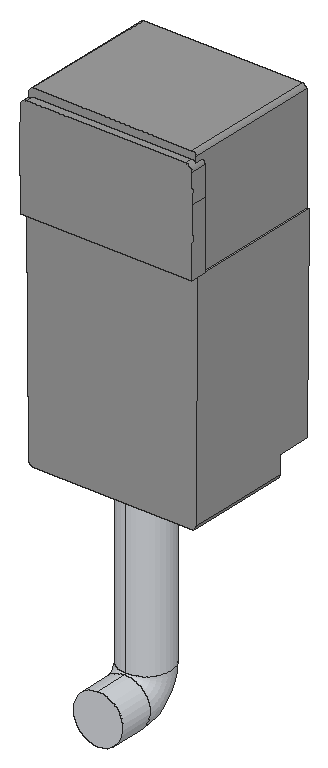
Revit family "Reservoir_CESAME_3_6L_pneumatique", category Plumbing Fixtures, Revit 2019
Family settings
  Round Connector Dimension = Use Diameter
  Part Type = Normal
  OmniClass Number = 23.45.00.00
  OmniClass Title = Sanitary, Laundry, and Cleaning Equipment
  Work Plane-Based = No
  Always vertical = Yes
  Cut with Voids When Loaded = No
  Shared = No
  Room Calculation Point = No
Parameters
  aux_Flush distance [instance] = 10 mm
  RACCORDEMENT EAU_Sortie du tuyau d'évacuation = "N/A"  # constant formula
  USP = "Vanne d'admission à ouverture retardée"  # constant formula
  URL = "https://professionnels.regiplast.fr/reservoirs/787-ce72.html"
  RÉSERVOIR_Volume de chasse = "6/3"  # constant formula
  RÉSERVOIR_Recharge = "NO"  # constant formula
  RÉSERVOIR_Matériel = "PP"  # constant formula
  RÉSERVOIR_Longueur = 185 mm  # constant formula
  RÉSERVOIR_Largeur = 187 mm  # constant formula
  RÉSERVOIR_Hauteur = 430 mm  # constant formula
  RÉSERVOIR = "EST QUADRA V2 PN DD 6L CESAME REG\r\n"  # constant formula
  RACCORDEMENT EAU_Position = "TOP"  # constant formula
  RACCORDEMENT EAU_Matériel du tuyau d'évacuation = "N/A"  # constant formula
  RACCORDEMENT EAU_Matériel du tube flexible = "Acier inoxydable tressé\r\n"  # constant formula
  RACCORDEMENT EAU_Diamètre = 12.7 mm  # constant formula
  Regiplast_Matériel = none
  Model = BÂTI_Modèle  # "Réservoir à encastrer\r\n"
  Manufacturer = "REGIPLAST\r\n"  # constant formula
  Email d'assistance = ""
  Description = "pneumatique 3/6 litres\r\n"  # constant formula
  BÂTI_URL du produit = "https://professionnels.regiplast.fr/reservoirs/787-ce72.html"
  BÂTI_Type de mur = "Habillage léger\r\n"  # constant formula
  BÂTI_Type d'actionnement = "Pneumatique"
  BÂTI_Support vidéo = "https://www.regiplast.fr/videos/bati-evo-cesame/"
  BÂTI_Site internet/Page web = "https://www.regiplast.fr/"
  BÂTI_Référence = "CE72"
  BÂTI_Règlage de la largeur = "N/A"  # constant formula
  BÂTI_Règlage de la hauteur = 0 mm
  BÂTI_Produit = "CESAME\r\n"  # constant formula
  BÂTI_Points de fixation = "N/A"  # constant formula
  BÂTI_Poids maximum = "400"  # constant formula
  BÂTI_Notice d'installation = "https://professionnels.regiplast.fr/reservoirs/787-ce72.html"
  BÂTI_Modéle de Cuvette = "Cuvettes suspendues\r\n"  # constant formula
  BÂTI_Modèle = "Réservoir à encastrer\r\n"  # constant formula
  BÂTI_Marque = "REGIPLAST\r\n"  # constant formula
  BÂTI_Longueur = 0 mm
  BÂTI_Largeur = 0 mm
  BÂTI_Hauteur minimum = 0 mm
  BÂTI_Hauteur maximum = 0 mm
  BÂTI_Hauteur [instance] = RÉSERVOIR_Hauteur  # 430 mm
  BÂTI_Graphique = "MKT"  # constant formula
  BÂTI_Certification du produit = "NF\r\n"  # constant formula
  BÂTI_Adresse = ""
  BÂTI = "NO"  # constant formula
  BIM object developer = "www.concepsysbim.com"
Reference planes
  plane 1 "Center (Front/Back)": y = 0
  plane 2: z = 0
  plane 3 "Center (Left/Right)": x = 0
  plane 4: z = 531.966
  plane 5: z = 128.768
  plane 6: z = 798.768
  plane 7: z = 368.768
  plane 8: z = 1038.768
  plane 9: z = 161.768
Forms (mm)
  Sweep 1, solid
    path origin (0, 0, 420) x (0, 1, 0) y (0, 0, 1)
      loop
        line (-22.912, -291.232) -> (20.063, -291.232)
        arc (20.063, -291.232) -> (43.186, -281.654) -> (52.763, -258.532) r 32.7
        line (52.763, -258.532) -> (52.763, 111.966)
    profile origin (0, 52.763, 346.717) x (0, -1, 0) y (1, 0, 0)
      loop
        circle (0, 0) r 31.232
Dimensions and locks
  "RÉSERVOIR_Hauteur": plane 6 to plane 7
  locked: plane 7 to plane 5 at 240
  locked: plane 9 to plane 5 at 33
  locked: plane 9 to level at 161.768
  plane 4 to plane 7 = 163.198 mm
  aligned and locked: level to plane 2
  aligned and locked: plane 4 to Sweep 1 sketch curve
  aligned and locked: Sweep 1 sketch curve to plane 5
  aligned and locked: nested 1 to plane 6
  aligned and locked: plane 1 "Center (Front/Back)" to nested 1
Automatic sketch dimensions
  Sweep 1 sketch curve to plane 3 "Center (Left/Right)" = 0 mm
  Sweep 1 sketch curve to profile plane = 0 mm
  Sweep 1 sketch curve to plane 1 "Center (Front/Back)" = 20.063 mm
  Sweep 1 sketch curve to Sweep 1 sketch curve = 32.7 mm
  plane 1 "Center (Front/Back)" to Sweep 1 sketch curve = 22.912 mm
  radius of Sweep 1 sketch curve = 31.232 mm
Nested families
  nested 1: "RÉSERVOIRS" at (0, 0, -299.4), type "RÉSERVOIRS"
    with aux_avancodaplaca 10 mm, CISTERN Widh 187 mm, CISTERN Lenght 185 mm, Avanço da placa 10 mm
Connectors
  piping at (0, 87.336, 799.118), diameter 12.7, driven by "RACCORDEMENT EAU_Diamètre"
    settings: on nested 1, index 1, connector inside diameter 609.6 mm, connector length 0 mm, flow factor 0, pipe flow 0.0 L/s, pressure drop 0.0 Pa, fitting loss kfactor 0, connector angle 0.00°, fixture units 0, engagement length 0 mm, angle of deflection 0.00°, flow configuration 0, flow direction 1, fitting loss method 0, system type 16, joint type 0, gender type 0, connector reference index -1, connector utility 0, adjustable connector no, is connector primary yes, connector description ""
  piping at (0, -22.912, 128.768), diameter 40
    settings: on Sweep 1, index 2, connector inside diameter 609.6 mm, connector length 0 mm, flow factor 0, pipe flow 0.0 L/s, pressure drop 0.0 Pa, fitting loss kfactor 0, connector angle 0.00°, fixture units 0, engagement length 0 mm, angle of deflection 0.00°, flow configuration 0, flow direction 2, fitting loss method 0, system type 16, joint type 0, gender type 0, connector reference index -1, connector utility 0, adjustable connector no, is connector primary no, connector description ""
Definition of nested family "RÉSERVOIRS"
  Parameters (values of type "RÉSERVOIRS")
    aux_avancodaplaca [instance] = if(Avanço da placa < 10 mm, 10 mm, if(Avanço da placa > 90 mm, 90 mm + 15 mm, Avanço da placa))  # 10 mm
    Reservatório = none
    Placa = none
    CISTERN Widh [instance] = 187 mm  # constant formula
    CISTERN Lenght [instance] = 185 mm  # constant formula
    Avanço da placa [instance] = 10 mm
  Reference planes
    plane 1 "Center (Front/Back)": y = 0
    plane 2: z = 0
    plane 3 "Center (Left/Right)": x = 0
    plane 4: y = 187
    plane 5: y = 14.494
    plane 6: y = 76.061
    plane 7: y = 9.958
    plane 8: y = 4.233
    plane 9: y = -10
    plane 10: z = 1098.168
    plane 11: z = 1096.465
    plane 12: z = 1080.476
    plane 13: x = -92.5
    plane 14: x = 92.5
  Forms (mm)
    Extrusion 1, solid, material <- "Reservatório"
      sketch origin (0, 0, 0) x (1, 0, 0) y (0, 0, 1)
        loop
          line (-108.346, 958.072) -> (-106.143, 675.724)
          arc (-106.143, 675.724) -> (-104.212, 670.463) -> (-98.881, 668.735) r 6.404
          line (-98.881, 668.735) -> (102.005, 669.075)
          arc (102.005, 669.075) -> (104.808, 671.122) -> (106.132, 674.331) r 6.404
          line (106.132, 674.331) -> (108.346, 958.072) -> (105.56, 958.072) -> (105.56, 1093.289)
          arc (105.56, 1093.289) -> (103.754, 1096.397) -> (100.852, 1098.518) r 8.762
          line (100.852, 1098.518) -> (-100.852, 1098.518)
          arc (-100.852, 1098.518) -> (-103.754, 1096.397) -> (-105.56, 1093.289) r 8.762
          line (-105.56, 1093.289) -> (-105.56, 958.072) -> (-108.346, 958.072)
      from 0 to -174.673
    Extrusion 2, void
      sketch origin (0, 0, 0) x (1, 0, 0) y (0, 0, 1)
        loop
          line (109.229, 697.959) -> (59.996, 697.959) -> (59.996, 664.49) -> (109.229, 664.49) -> (109.229, 697.959)
      from -182.342 to -131.251
    Extrusion 3, void
      sketch origin (0, 0, 0) x (-1, 0, 0) y (0, 0, -1)
        loop
          line (109.229, -697.959) -> (109.229, -664.49) -> (59.996, -664.49) -> (59.996, -697.959) -> (109.229, -697.959)
      from -182.342 to -131.251
    Extrusion 4, solid, material <- "Reservatório"
      sketch origin (0, 0, 0) x (1, 0, 0) y (0, 0, 1)
        loop
          line (-108.295, 1080.476) -> (-109.22, 1043.604) -> (-108.346, 958.072) -> (108.346, 958.072) -> (109.22, 1043.604) -> (108.295, 1080.476)
          arc (108.295, 1080.476) -> (105.895, 1086.271) -> (100.1, 1088.671) r 8.195
          line (100.1, 1088.671) -> (-100.1, 1088.671)
          arc (-100.1, 1088.671) -> (-105.895, 1086.271) -> (-108.295, 1080.476) r 8.195
      from -9.958 to 10
  Cuts and joins
    Extrusion 2, Extrusion 3 cuts Extrusion 1
  Dimensions and locks
    "aux_avancodaplaca": plane 1 "Center (Front/Back)" to plane 9
    equal spacing: plane 14, plane 3 "Center (Left/Right)", plane 13
    "CISTERN Lenght": plane 14 to plane 13
    "CISTERN Widh": plane 4 to plane 1 "Center (Front/Back)"
    aligned and locked: level to plane 2
  Automatic sketch dimensions
    Extrusion 1 sketch curve to plane 13 = 15.846 mm
    Extrusion 1 sketch curve to plane 13 = 13.643 mm
    Extrusion 1 sketch curve to Extrusion 1 sketch curve = 2.786 mm  (x2)
    plane 10 to Extrusion 1 sketch curve = 0.35 mm
    Extrusion 1 sketch curve to Extrusion 1 sketch curve = 4.708 mm
    Extrusion 1 sketch curve to Extrusion 1 sketch curve = 6.372 mm
    Extrusion 1 sketch curve to plane 13 = 6.381 mm
    Extrusion 1 sketch curve to plane 13 = 4.743 mm
    plane 14 to Extrusion 1 sketch curve = 4.743 mm
    plane 14 to Extrusion 1 sketch curve = 7.271 mm
    plane 14 to Extrusion 1 sketch curve = 8.352 mm
    Extrusion 1 sketch curve to Extrusion 1 sketch curve = 2.234 mm
    plane 14 to Extrusion 1 sketch curve = 13.06 mm
    Extrusion 1 sketch curve to Extrusion 1 sketch curve = 6.361 mm
    Extrusion 1 sketch curve to plane 10 = 4.879 mm  (x2)
    Extrusion 1 sketch curve to plane 12 = 122.404 mm  (x2)
    Extrusion 1 sketch curve to Extrusion 1 sketch curve = 282.347 mm
    Extrusion 1 sketch curve to Extrusion 1 sketch curve = 0.647 mm
    Extrusion 1 sketch curve to Extrusion 1 sketch curve = 6.342 mm
    Extrusion 1 sketch curve to Extrusion 1 sketch curve = 0.746 mm
    Extrusion 2 sketch curve to plane 14 = 32.504 mm
    plane 14 to Extrusion 2 sketch curve = 16.729 mm
    Extrusion 2 sketch curve to plane 12 = 415.987 mm
    Extrusion 2 sketch curve to Extrusion 2 sketch curve = 33.47 mm
    Extrusion 3 sketch curve to plane 13 = 32.504 mm
    plane 13 to Extrusion 3 sketch curve = 16.729 mm
    plane 12 to Extrusion 3 sketch curve = 415.987 mm
    Extrusion 3 sketch curve to Extrusion 3 sketch curve = 33.47 mm
    Extrusion 4 sketch curve to plane 12 = 0 mm  (x2)
    Extrusion 4 sketch curve to plane 13 = 16.72 mm
    Extrusion 4 sketch curve to plane 13 = 15.795 mm
    Extrusion 4 sketch curve to plane 13 = 7.6 mm
    plane 14 to Extrusion 4 sketch curve = 7.6 mm
    plane 14 to Extrusion 4 sketch curve = 16.72 mm
    Extrusion 4 sketch curve to plane 12 = 36.872 mm  (x2)
    Extrusion 4 sketch curve to plane 13 = 15.846 mm
    plane 14 to Extrusion 4 sketch curve = 15.846 mm
    Extrusion 4 sketch curve to Extrusion 4 sketch curve = 85.533 mm
